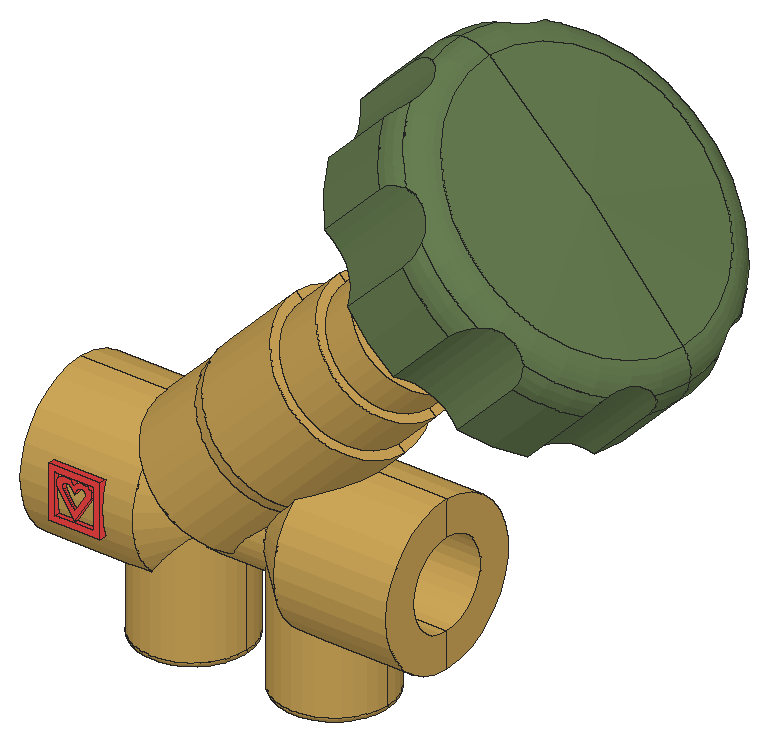
Revit family "HERZ Strömax 4125 WD", category Rohrzubehör, Revit 2020
Family settings
  Bemaßung runder Anschluss = Durchmesser verwenden
  Teiletyp = Unterbricht
  OmniClass-Nummer = 23.65.55.14
  OmniClass-Titel = Valves for Liquid Services
  Arbeitsebenenbasiert = Nein
  Immer vertikal = Ja
  Beim Laden mit Abzugskörper schneiden = Nein
  Gemeinsam genutzt = Nein
Parameters
  W01 = 45.00°  # constant formula
  Vorgabe-Ansicht = 0 mm
  URL = "www.herzvalves.com"
  Technically possible use = " "  # constant formula
  Spindle = "forged brass CW617N"  # constant formula
  SW01 = 60.00°  # constant formula
  SC_NennweiteBerechnet = 0
  SC_Dimension = ""
  SCTWSEQ = "FW_SBT_TYP_FW=\"109\";2"
  SCTWCODE = "04;00;02"  # constant formula
  S03 = 60 mm  # constant formula
  S02 [instance] = L06 + L09 + L12 + L15  # 77.9 mm
  S01 [instance] = R01 * 2  # 27 mm
  R12 [instance] = R01 - 1 mm  # 12.5 mm
  R11 [instance] = size_lookup("4125WD_", "R11", 46.5 mm, Nennweite)  # 5.1 mm
  R100 = 1 mm  # constant formula
  R10 [instance] = size_lookup("4125WD_", "R10", 46.5 mm, Nennweite)  # 8 mm
  R09 [instance] = size_lookup("4125WD_", "R9", 46.5 mm, Nennweite)  # 10.5 mm
  R08 [instance] = size_lookup("4125WD_", "R8", 46.5 mm, Nennweite)  # 12 mm
  R07 [instance] = size_lookup("4125WD_", "R7", 46.5 mm, Nennweite)  # 13.5 mm
  R06 [instance] = size_lookup("4125WD_", "R6", 43 mm, Nennweite)  # 13 mm
  R05 [instance] = Nennweite / 2  # 7.5 mm
  R03 = 9.5 mm  # constant formula
  R02 [instance] = Nennweite / 2  # 7.5 mm
  R01 [instance] = size_lookup("4125WD_", "R1", 11.5 mm, Nennweite)  # 13.5 mm
  Upper part = "DZR brass CW626N"  # constant formula
  Part number [instance] = size_lookup("4125WD_", "Artnr", 0, Nennweite)  # 2412561
  Note = "Pursuant to Article 33 of the REACH Regulation (EC No. 1907/2006), we are obliged to point out that the material lead is listed on the SVHC list and that all brass components manufactured in our products exceed 0.1% (w / w) lead (CAS: 7439-92-1 / EINECS: 231-100-4).\r\nSince lead is a component part of an alloy, actual exposure is not possible and therefore no additional information on safe use is necessary."
  Nennweite [instance] = 15 mm
  Min. flow at Dp 10 kPa [instance] = if(Nennweite = 15 mm, 0.5 L/s, if(Nennweite = 20 mm, 1.0 L/s, if(Nennweite = 25 mm, 1.75 L/s, if(Nennweite = 32 mm, 3.0 L/s, if(Nennweite = 40 mm, 4.0 L/s, if(Nennweite = 50 mm, 6.75 L/s, if(Nennweite = 65 mm, 11.0 L/s, if(Nennweite = 80 mm, 16.0 L/s, 0.0 L/s))))))))  # 0.5 L/s
  Medium = "Water"  # constant formula
  Max. service temperature (ÖVGW) = 65 °C  # constant formula
  Max. operating temperature = 80 °C  # constant formula
  Max. operating pressure = 2000000.0 Pa  # constant formula
  Max. differential pressure on closed seat = 1000000.0 Pa  # constant formula
  Max. operating pressure (ÖVGW) = 1000000.0 Pa  # constant formula
  L16 [instance] = L01 / 2  # 10 mm
  L15 [instance] = size_lookup("4125WD_", "L15", 12.4 mm, Nennweite)  # 12.4 mm
  L14 [instance] = size_lookup("4125WD_", "L14", 81 mm, Nennweite)  # 6 mm
  L12 [instance] = size_lookup("4125WD_", "L12", 81 mm, Nennweite)  # 26 mm
  L11 [instance] = size_lookup("4125WD_", "L11", 60 mm, Nennweite)  # 6.7 mm
  L10 [instance] = size_lookup("4125WD_", "L10", 20 mm, Nennweite)  # 9.3 mm
  L09 [instance] = size_lookup("4125WD_", "L9", 11 mm, Nennweite)  # 17 mm
  L08 [instance] = size_lookup("4125WD_", "L8", 35 mm, Nennweite)  # 20 mm
  L07 [instance] = size_lookup("4125WD_", "L7", 35 mm, Nennweite)  # 12.5 mm
  L06 [instance] = size_lookup("4125WD_", "L6", 118 mm, Nennweite) - L09  # 22.5 mm
  L03 = 15 mm  # constant formula
  L02 [instance] = size_lookup("4125WD_", "L2", 22 mm, Nennweite)  # 6 mm
  L01 [instance] = size_lookup("4125WD_", "L1", 48 mm, Nennweite)  # 20 mm
  L00 [instance] = size_lookup("4125WD_", "L", 180 mm, Nennweite)  # 65 mm
  Plug = "DZR brass CW626N"  # constant formula
  Hersteller = "HERZ Armaturen Ges.m.b.H."  # constant formula
  Hand wheel = "plastic, green"  # constant formula
  H01 [instance] = size_lookup("4125WD_", "H1", 53 mm, Nennweite)  # 24 mm
  Occasional temperature rises = "up to 95°C, if they do not last longer than 1 h"  # constant formula
  Seals = "EPDM"  # constant formula
  DN80 [instance] = Nennweite = 80 mm  # no
  DN65 [instance] = Nennweite = 65 mm  # no
  DN50 [instance] = Nennweite = 50 mm  # no
  DN40 [instance] = Nennweite = 40 mm  # no
  DN32 [instance] = Nennweite = 32 mm  # no
  DN25 [instance] = Nennweite = 25 mm  # no
  DN20 [instance] = Nennweite = 20 mm  # no
  DN15 [instance] = Nennweite = 15 mm  # yes
  Body = "DZR brass CC770S"  # constant formula
  Application = "For shutting off drinking water pipes in buildings."
Reference planes
  plane 1 "Mitte (Vorne/hinten)": y = 0
  plane 2: z = 0
  plane 3 "Mitte (Links/rechts)": x = 0
Forms (mm)
  Revolve 1, solid, material "Messing, weicher Gelbton, geschweißt", detail levels fine
    sketch origin (470, 0, 0) x (1, 0, 0) y (0, 0, 1)
      loop
        line (-502.5, 7.5) -> (-487.5, 7.5) -> (-487.5, 0) -> (-452.5, 0) -> (-452.5, 7.5) -> (-437.5, 7.5) -> (-437.5, 13.5) -> (-457.5, 13.5) -> (-464, 7.5) -> (-476, 7.5) -> (-482.5, 13.5) -> (-502.5, 13.5) -> (-502.5, 7.5)
      axis (-502.5, 0) -> (-437.5, 0)
    angle from 0 to 360
  Revolve 2, solid, material "Messing, weicher Gelbton, geschweißt", detail levels fine
    sketch origin (470, 0, 0) x (1, 0, 0) y (0, 0, 1)
      loop
        line (-492, 0) -> (-492, -23)
        arc (-492, -23) -> (-491.707, -23.707) -> (-491, -24) r 1
        line (-491, -24) -> (-482.5, -24) -> (-482.5, 0) -> (-492, 0)
      axis (-482.5, 0) -> (-482.5, -24)
    angle from 0 to 360
  Revolve 3, solid, material "Messing, weicher Gelbton, geschweißt", detail levels fine
    sketch origin (-470, 0, 0) x (-1, 0, 0) y (0, 0, 1)
      loop
        line (-492, 0) -> (-492, -23)
        arc (-492, -23) -> (-491.707, -23.707) -> (-491, -24) r 1
        line (-491, -24) -> (-482.5, -24) -> (-482.5, 0) -> (-492, 0)
      axis (-482.5, 0) -> (-482.5, -24)
    angle from 0 to 360
  Revolve 4, solid, material "Messing, weicher Gelbton, geschweißt", detail levels fine
    sketch origin (0.32, 0, -0.105) x (1, 0, 0) y (0, 0, 1)
      loop
        line (-12.82, 0) -> (42.264, 55.084) -> (38.657, 58.69) -> (29.889, 49.922) -> (27.839, 51.972) -> (20.767, 44.901) -> (19, 46.669) -> (14.262, 41.931) -> (13.201, 42.992) -> (6.625, 36.416) -> (5.565, 37.477) -> (-6.456, 25.456) -> (-7.87, 23.335) -> (-17.77, 13.435) -> (-18.123, 5.303) -> (-12.82, 0)
      axis (-12.82, 0) -> (42.264, 55.084)
    angle from 0 to 360
Lines and regions (mm)
  model lines, detail levels coarse+medium
    curve 1: line (-32.5, 0, 13.5) -> (-32.5, 0, -13.5)
    curve 2: line (-32.5, 0, -13.5) -> (32.5, 0, 13.5)
    curve 3: line (32.5, 0, 13.5) -> (32.5, 0, -13.5)
    curve 4: line (32.5, 0, -13.5) -> (-32.5, 0, 13.5)
    curve 5: line (0, 0, 0) -> (38.95, 0, 67.463)
    curve 6: line (12.969, 0, 82.463) -> (64.931, 0, 52.463)
    curve 7: line (-32.5, 13.5, 0) -> (-32.5, -13.5, 0)
    curve 8: line (-32.5, -13.5, 0) -> (32.5, 13.5, 0)
    curve 9: line (32.5, 13.5, 0) -> (32.5, -13.5, 0)
    curve 10: line (32.5, -13.5, 0) -> (-32.5, 13.5, 0)
    curve 11: line (0, 0, 0) -> (38.95, 67.463, 0)
    curve 12: line (12.969, 82.463, 0) -> (64.931, 52.463, 0)
Dimensions and locks
  "H01": plane 2 to Revolve 2 sketch curve
  "L00": Revolve 1 sketch curve to Revolve 1 sketch curve
  equal spacing: Revolve 1 sketch curve, plane 3 "Mitte (Links/rechts)", Revolve 1 sketch curve
  "R01": Revolve 1 sketch curve to Revolve 1 sketch curve  (x2)
  "R02": Revolve 1 sketch curve to Revolve 1 sketch curve  (x3)
  "L01": Revolve 1 sketch curve to Revolve 1 sketch curve  (x2)
  "L02": plane 3 "Mitte (Links/rechts)" to Revolve 1 sketch curve
  "L02": Revolve 1 sketch curve to plane 3 "Mitte (Links/rechts)"
  "L03": Revolve 1 sketch curve to Revolve 1 sketch curve  (x2)
  "L01": Revolve 1 to Revolve 2 sketch curve
  "R03": Revolve 2 sketch curve to Revolve 2 sketch curve
  "L01": Revolve 3 sketch curve to Revolve 1
  "R03": Revolve 3 sketch curve to Revolve 3 sketch curve
  "H01": plane 2 to Revolve 3 sketch curve
  "R07": Revolve 4 sketch curve to Revolve 4 sketch curve
  "L07": plane 3 "Mitte (Links/rechts)" to Revolve 4 sketch curve
  "R05": Revolve 4 sketch curve to Revolve 4 sketch curve
  "L06": Revolve 4 sketch curve to Revolve 4 sketch curve
  "L08": Revolve 4 sketch curve to Revolve 4 sketch curve
  "R06": Revolve 4 sketch curve to Revolve 4 sketch curve
  "L14": Revolve 4 sketch curve to Revolve 4 sketch curve
  "L09": Revolve 4 sketch curve to Revolve 4 sketch curve
  "R08": Revolve 4 sketch curve to Revolve 4 sketch curve
  "L10": Revolve 4 sketch curve to Revolve 4 sketch curve
  "R09": Revolve 4 sketch curve to Revolve 4 sketch curve
  "R10": Revolve 4 sketch curve to Revolve 4 sketch curve
  "L12": Revolve 4 sketch curve to Revolve 4 sketch curve
  "R11": Revolve 4 sketch curve to Revolve 4 sketch curve
  "L15": Revolve 4 sketch curve to Revolve 4 sketch curve
  "L11": Revolve 4 sketch curve to Revolve 4 sketch curve
  "R12": nested 9 to plane 1 "Mitte (Vorne/hinten)"
  "L16": Revolve 1 to nested 9
  equal spacing: curve 1, plane 3 "Mitte (Links/rechts)", curve 3
  "L00": curve 1 to curve 3
  equal spacing: curve 4, plane 2, curve 2
  "S01": curve 4 to curve 2
  equal spacing: curve 3, plane 2, curve 4
  "S01": curve 3 to curve 4
  "S02": curve 5 to curve 5
  equal spacing: curve 6, curve 5, curve 6
  "S03": curve 6 to curve 6
  equal spacing: curve 7, plane 3 "Mitte (Links/rechts)", curve 9
  "L00": curve 7 to curve 9
  equal spacing: curve 8, plane 1 "Mitte (Vorne/hinten)", curve 10
  "S01": curve 10 to curve 8
  equal spacing: curve 10, plane 1 "Mitte (Vorne/hinten)", curve 9
  "S01": curve 9 to curve 10
  "S02": curve 11 to curve 11
  equal spacing: curve 12, curve 11, curve 12
  "S03": curve 12 to curve 12
  "R100": radius of Revolve 2 sketch curve
  "R100": radius of Revolve 3 sketch curve
  "W01": angle plane 2 to Revolve 4 sketch curve
  "W01": angle level to Revolve 4 sketch curve
  "SW01": angle plane 2 to curve 5
  "SW01": angle plane 1 "Mitte (Vorne/hinten)" to curve 11
  aligned and locked: level to plane 2
Automatic sketch dimensions
  curve 5 to level = 0 mm
  plane 1 "Mitte (Vorne/hinten)" to curve 11 = 0 mm
  Revolve 1 sketch curve to level = 0 mm  (x2)
  Revolve 1 sketch curve to Revolve 1 sketch curve = 791.99 mm
  Revolve 1 sketch curve to Revolve 1 sketch curve = 2278.983 mm
  Revolve 2 sketch curve to level = 0 mm  (x2)
  Revolve 2 sketch curve to Revolve 2 sketch curve = 0 mm
  Revolve 2 sketch curve to Revolve 2 sketch curve = 0.292 mm
  Revolve 3 sketch curve to level = 0 mm  (x2)
  Revolve 3 sketch curve to Revolve 3 sketch curve = 0 mm
  Revolve 3 sketch curve to Revolve 3 sketch curve = 0.292 mm
  Revolve 4 sketch curve to level = 0.105 mm
  Revolve 4 sketch curve to Revolve 4 sketch curve = 0 mm  (x2)
Nested families
  nested 1: "Strömax-Handrad_Schrägsitz (Grün)" at (42.584, 0, 54.979), visible <- "DN15", type "Strömax-Handrad_Schrägsitz (Grün)", detail levels fine
    with Nennweite 0 mm, Gewicht 0.00 kg, Bestellnummer 0
  nested 2: "Strömax-Handrad_Schrägsitz (Grün)" at (54.312, 0, 67.707), visible <- "DN20", type "Strömax-Handrad_Schrägsitz (Grün)", detail levels fine
    with Nennweite 0 mm, Gewicht 0.00 kg, Bestellnummer 0
  nested 3: "Strömax-Handrad_Schrägsitz (Grün)" at (62.469, 0, 80.364), visible <- "DN25", type "Strömax-Handrad_Schrägsitz (Grün)", detail levels fine
    with Nennweite 0 mm, Gewicht 0.00 kg, Bestellnummer 0
  nested 4: "Strömax-Handrad_Schrägsitz (Grün)" at (71.712, 0, 91.607), visible <- "DN32", type "Strömax-Handrad_Schrägsitz (Grün)", detail levels fine
    with Nennweite 0 mm, Gewicht 0.00 kg, Bestellnummer 0
  nested 5: "Strömax-Handrad_Schrägsitz (Grün)" at (80.399, 0, 101.294), visible <- "DN40", type "Strömax-Handrad_Schrägsitz (Grün)", detail levels fine
    with Nennweite 0 mm, Gewicht 0.00 kg, Bestellnummer 0
  nested 6: "Strömax-Handrad_Schrägsitz (Grün)" at (97.83, 0, 129.225), visible <- "DN50", type "Strömax-Handrad_Schrägsitz (Grün)", detail levels fine
    with Nennweite 0 mm, Gewicht 0.00 kg, Bestellnummer 0
  nested 7: "Strömax-Handrad_Schrägsitz (Grün)" at (114.482, 0, 149.378), visible <- "DN65", type "Strömax-Handrad_Schrägsitz (Grün)", detail levels fine
    with Nennweite 0 mm, Gewicht 0.00 kg, Bestellnummer 0
  nested 8: "Strömax-Handrad_Schrägsitz (Grün)" at (140.423, 0, 183.319), visible <- "DN80", type "Strömax-Handrad_Schrägsitz (Grün)", detail levels fine
    with Nennweite 0 mm, Gewicht 0.00 kg, Bestellnummer 0
  nested 9: "Herz-Logo-vorne" at (-22.5, -13.232, 0) x (0, 1, 0) z (0, 0, 1), type "Herz-Logo-vorne", detail levels fine
Connectors
  piping at (-17.5, 0, 0), diameter 15, driven by "Nennweite"
    settings: on Revolve 1, index 1, connector inside diameter 609.6 mm, connector length 0 mm, flow factor 0, pipe flow 0.0 L/s, pressure drop 0.0 Pa, fitting loss kfactor 0, connector angle 0.00°, fixture units 0, engagement length 0 mm, angle of deflection 0.00°, flow configuration 0, flow direction 1, fitting loss method 0, system type 29, joint type 0, gender type 0, connector reference index -1, connector utility 0, adjustable connector no, is connector primary yes, connector description ""
  piping at (17.5, 0, 0), diameter 15, driven by "Nennweite"
    settings: on Revolve 1, index 2, connector inside diameter 609.6 mm, connector length 0 mm, flow factor 0, pipe flow 0.0 L/s, pressure drop 0.0 Pa, fitting loss kfactor 0, connector angle 0.00°, fixture units 0, engagement length 0 mm, angle of deflection 0.00°, flow configuration 0, flow direction 2, fitting loss method 0, system type 29, joint type 0, gender type 0, connector reference index -1, connector utility 0, adjustable connector no, is connector primary no, connector description ""
Definition of nested family "Strömax-Handrad_Schrägsitz (Grün)"
  Parameters (values of type "Strömax-Handrad_Schrägsitz (Grün)")
    Default Elevation = 0 mm
    URL = "www.herz-armaturen.at"
    Nennweite [instance] = 0 mm
    Manufacturer = "Herz Armaturen GmbH"  # constant formula
    Gewicht [instance] = 0.00 kg
    Bestellnummer [instance] = 0
  Reference planes
    plane 1 "Mitte (Vorne/hinten)": y = 0
    plane 2: z = 0
    plane 3 "Mitte (Links/rechts)": x = 0
  Forms (mm)
    Revolve 1, solid
      sketch origin (0, 0, 0) x (0.707107, 0, -0.707107) y (0.707107, 0, 0.707107)
        loop
          line (0, 0) -> (0, 22)
          arc (0, 22) -> (-12.15, 21.705) -> (-24.271, 20.819) r 250
          arc (-24.271, 20.819) -> (-26.831, 19.959) -> (-28.754, 18.063) r 6
          arc (-28.754, 18.063) -> (-29.682, 16.008) -> (-30, 13.776) r 8
          line (-30, 13.776) -> (-30, 0) -> (0, 0)
        axis (0, 22) -> (0, 0)
      angle from 0 to 360
    Extrusion 2, void
      sketch origin (0, 0, 0) x (0.707107, 0, -0.707107) y (0, 1, 0)
        loop
          circle (14.351, -34.645) r 10
      from 0 to 22
    Extrusion 3, void
      sketch origin (0, 0, 0) x (-0.707107, 0, 0.707107) y (0, -1, 0)
        loop
          circle (14.351, 34.645) r 10
      from 0 to 22
    Extrusion 4, void
      sketch origin (0, 0, 0) x (0, -1, 0) y (0.707107, 0, -0.707107)
        loop
          circle (14.351, 34.645) r 10
      from 0 to 22
    Extrusion 5, void
      sketch origin (0, 0, 0) x (0, 1, 0) y (-0.707107, 0, 0.707107)
        loop
          circle (14.351, -34.645) r 10
      from 0 to 22
    Extrusion 6, void
      sketch origin (0, 0, 0) x (0, -1, 0) y (0.707107, 0, -0.707107)
        loop
          circle (14.351, -34.645) r 10
      from 0 to 22
    Extrusion 7, void
      sketch origin (0, 0, 0) x (0, 1, 0) y (-0.707107, 0, 0.707107)
        loop
          circle (14.351, 34.645) r 10
      from 0 to 22
    Extrusion 8, void
      sketch origin (0, 0, 0) x (0.707107, 0, -0.707107) y (0, 1, 0)
        loop
          circle (14.351, 34.645) r 10
      from 0 to 22
    Extrusion 9, void
      sketch origin (0, 0, 0) x (-0.707107, 0, 0.707107) y (0, -1, 0)
        loop
          circle (14.351, -34.645) r 10
      from 0 to 22
  Cuts and joins
    Extrusion 2, Extrusion 3, Extrusion 4, Extrusion 5, Extrusion 6, Extrusion 7, Extrusion 8, Extrusion 9 cuts Revolve 1
  Dimensions and locks
    aligned and locked: level to plane 2
Definition of nested family "Herz-Logo-vorne"
  Parameters (values of type "Herz-Logo-vorne")
    Default Elevation = 0 mm
  Reference planes
    plane 1 "Mitte (Vorne/hinten)": y = 0
    plane 2: z = 0
    plane 3 "Mitte (Links/rechts)": x = 0
  Forms (mm)
    Extrusion 1, solid
      sketch origin (0.732, -0.018, 0.017) x (0, -1, 0) y (0, 0, 1)
        loop
          line (-0.018, -4.517) -> (4.482, -4.517) -> (4.482, 4.483) -> (-4.518, 4.483) -> (-4.518, -4.517) -> (-0.018, -4.517)
        loop
          line (-0.05, -3.48) -> (3.482, -3.48) -> (3.482, 3.483) -> (-3.518, 3.483) -> (-3.518, -3.48) -> (-0.05, -3.48)
        loop
          arc (-0.018, 2.383) -> (-1.543, 3.287) -> (-3.067, 2.383) r 1.738
          arc (-3.067, 2.383) -> (-3.191, 1.899) -> (-3.067, 1.415) r 1.009
          line (-3.067, 1.415) -> (-0.018, -3.281) -> (3.032, 1.415)
          arc (3.032, 1.415) -> (3.156, 1.899) -> (3.032, 2.383) r 1.009
          arc (3.032, 2.383) -> (1.507, 3.287) -> (-0.018, 2.383) r 1.738
        loop
          arc (1.885, 1.272) -> (2.005, 1.675) -> (1.885, 2.079) r 0.74
          arc (1.885, 2.079) -> (1.265, 2.416) -> (0.644, 2.079) r 0.74
          line (0.644, 2.079) -> (-0.018, 0.97) -> (-0.679, 2.079)
          arc (-0.679, 2.079) -> (-1.3, 2.416) -> (-1.921, 2.079) r 0.74
          arc (-1.921, 2.079) -> (-2.04, 1.675) -> (-1.921, 1.272) r 0.74
          line (-1.921, 1.272) -> (-0.018, -1.658) -> (1.885, 1.272)
      from 0 to 1.5
  Dimensions and locks
    aligned and locked: level to plane 2
